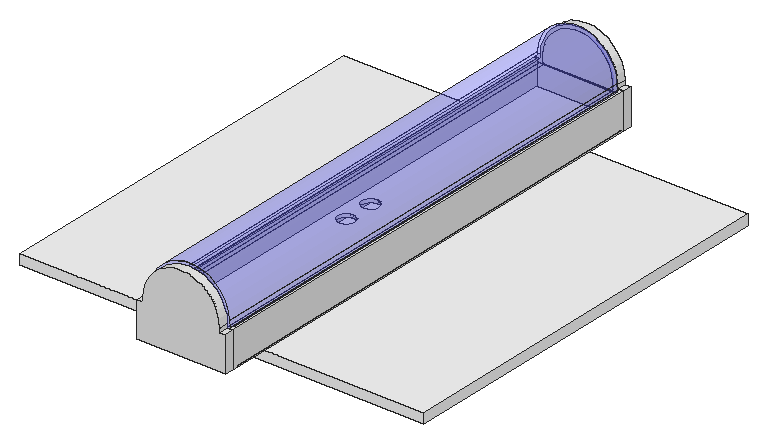
Revit family "BE_67683.3_de_DE", category Leuchten, Revit 2015
Parameters (values of type "BEGA_67683.3_K4")
  built-in parameter 1150104 = 9.2903 (stored number, unit not read)
  Wattage = 16.8 W
  Default Elevation = 0 mm
  built-in parameter 1150113 = 1 (stored number, unit not read)
  built-in parameter 1114218 = 1 (stored number, unit not read)
  Umgebungstemperatur = ""
  URL = "http://www.bega.de/produkt/67683.3"
  Typenkommentare = "© 2017 BEGA. Wir behalten uns das Recht vor, technische Änderungen ohne vorherige Ankündigung vorzunehmen."  # constant formula
  built-in parameter 1150134 = 12
  built-in parameter 1150109 = 1 (stored number, unit not read)
  Strom = ""
  built-in parameter 1150110 = 1 (stored number, unit not read)
  Spannung = 239.996 V
  Sonderanfertigung = no
  Seriennummer [instance] = "Hier können Sie die eindeutige Seriennummer für das Facility Management eintragen."
  Schutzklasse = "I"
  Schutzart = "IP 44"
  Scheinlast = 0 VA
  Produktdatenblatt = "http://www.bega.de/download/Xrfa/db/67683.3.db.de.pdf"
  Oberflächentemperatur = ""
  Neigungswinkel = 0.00°
  Modell = "67683.3K4"
  Material_23 = BEGA_Oberfläche_Chrom_poliert
  Material_17 = BEGA_Reflektor
  Material_15 = BEGA_Leuchtmedium_matt
  Material_11 = BEGA_Glas_opal
  Material_09 = BEGA_Glas_klar
  Material_06 = BEGA_Oberfläche_Edelstahl_gebürstet
  Material_05 = BEGA_Oberfläche_Aluminium Guss
  Material_03 = BEGA_Oberfläche_Weiss_matt
  Material_02 = BEGA_Oberfläche_Silber_matt
  Material_01 [instance] = BEGA_Oberfläche_Grafit_matt
  M_W = no
  M_G = no
  M_A = no
  Logo = 0
  built-in parameter 1114217 = 1 (stored number, unit not read)
  built-in parameter 1150139 = (empty or 0)
  built-in parameter 1150105 = 133.69 (stored number, unit not read)
  built-in parameter 1150114 = 1 (stored number, unit not read)
  Lumens = 1680 lm
  built-in parameter 1150115 = 1 (stored number, unit not read)
  Leuchtenlichtstrom = "1023 lm"
  Leuchtenanzahl = ""
  Lebensdauerkriterien = "L70B50 @ 25 °C = 105000 h"
  Lastklassifizierung = Beleuchtung
  built-in parameter 1150112 = 1 (stored number, unit not read)
  Lampenlichtstrom = "1680 lm"
  Lampe = "LED 16.8 W"
  LED_Modulbezeichnung = "4x LED-0139/840"
  Hersteller = "BEGA"  # constant formula
  Halbstreuwinkel = ""
  Gewicht = "2.0 kg"
  Gebrauchslageneinschränkung [instance] = ""
  Frequenz = "50/60 Hz"
  Farbwiedergabeindex = "Ra > 80"
  Farbtemperaturverschiebung bei Dämpfen der Lampe = <Keine Auswahl>
  Farbtemperatur = "4000 K"
  Color Filter = 16777215
  built-in parameter 1150133 = 10 (stored number, unit not read)
  Energieeffizienzklasse = "LED A++ - A"
  built-in parameter 1150137 = (empty or 0)
  built-in parameter 1150132 = (empty or 0)
  ENEC = ""
  Dimmbar [instance] = "1-10 V SELV"
  Datei für fotometrisches Netz = "BE_67683K4.IES"
  CE_Konformität = "ja"
  Bestellnummer = "67683.3K4"
  Beschreibung_Sonderanfertigung = "Hier können Sie Informationen zur Sonderanfertigung eintragen."
  Beschreibung = "Wandleuchte"
  built-in parameter 1150106 = 1.3369 (stored number, unit not read)
  Befestigungsbohrung = "Ø 5,5 mm"
  Befestigungsabstand = "440 x 56 mm"
  Ballwurfsicher = ""
  BEGA_Intern_aus = yes
  BEGA_Intern_an = yes
  BEGA_Intern_Konstruktion = yes
  BEGA_Intern = yes
  BEGA_IES = yes
  BEGA_Dummy = no
  Anschlussleitung = ""
  Anschlussleistung [instance] = "20.4 W"
  Anschlusskasten = ""
  built-in parameter 1150107 = 4000 (stored number, unit not read)
  built-in parameter 1150102 = (empty or 0)
  built-in parameter 1150138 = (empty or 0)
  Aktualisierung = "2017-09-29T04:10:01"
  Abstand_zur_angestrahlten_Fläche [instance] = ""
  AC/DC = "AC"
Types (2, lengths in mm): name | built-in parameter 1150104 | built-in parameter 1150134 | Modell | built-in parameter 1150105 | Lumens | Leuchtenlichtstrom | Lampenlichtstrom | LED_Modulbezeichnung | Farbtemperatur | Datei für fotometrisches Netz | Bestellnummer | built-in parameter 1150106 | built-in parameter 1150107
  BEGA_67683.3_K3 | 9.0673 (stored number, unit not read) | (empty or 0) | "67683.3" | 130.48 (stored number, unit not read) | 1639.68 lm | "999 lm" | "1640 lm" | "4x LED-0139/830" | "3000 K" | "BE_67683.IES" | "67683.3" | 1.3048 (stored number, unit not read) | 3000 (stored number, unit not read)
  BEGA_67683.3_K4 | 9.2903 (stored number, unit not read) | 12 | "67683.3K4" | 133.69 (stored number, unit not read) | 1680 lm | "1023 lm" | "1680 lm" | "4x LED-0139/840" | "4000 K" | "BE_67683K4.IES" | "67683.3K4" | 1.3369 (stored number, unit not read) | 4000 (stored number, unit not read)
Reference planes
  plane 1 "Mitte (Vorne/Hinten)": y = 0
  plane 2: z = 0
  plane 3 "Mitte (Links/Rechts)": x = 0
  plane 4 "Links": x = -44
  plane 5 "Rechts": x = 44
  plane 6 "Unten": y = -250.1
  plane 7 "Oben": y = 250.1
  plane 8 "Vorne": z = 79.5
  plane 9 "Hinten": z = 0
Forms (mm)
  Extrusion 1, solid, material "BEGA_Platte_Weiss"
    sketch origin (0, -1119.2, 0) x (1, 0, 0) y (0, 1, 0)
      loop
        line (-200, 1319.2) -> (-200, 919.2) -> (200, 919.2) -> (200, 1319.2) -> (-200, 1319.2)
    from 0 to -10
  Extrusion 2, solid, material "BEGA_Dummy_matt", visible <- "BEGA_Dummy"
    sketch origin (80.095, -76.023, 0) x (1, 0, 0) y (0, 1, 0)
      loop
        line (-124.095, 326.123) -> (-124.095, -174.077) -> (-36.095, -174.077) -> (-36.095, 326.123) -> (-124.095, 326.123)
    from 0 to 79.5
Dimensions and locks
  plane 1 "Mitte (Vorne/Hinten)" to Extrusion 1 = 200 mm
  aligned and locked: plane 2 to Extrusion 1
  aligned and locked: level to Extrusion 1
Nested families
  nested 1: "BE_67683.3" at (0, 0, 0) x (0, 1, 0) z (0, 0, 1), type "BE_67683.3"
Connectors
  electrical at (0, 0, 0), driven by "Lastklassifizierung", driven by "Spannung", driven by "Scheinlast"
    settings: index 1, voltage 239.996 V, apparent load 0 VA, apparent load phase1 0 VA, apparent load phase2 0 VA, apparent load phase3 0 VA, power factor 1, load classification "Beleuchtung", number of poles 1, system type 31, power factor state 1, is connector primary yes, connector utility no, sub classification motor no, connector description ""
Definition of nested family "BE_67683.3"
  Parameters (values of type "BE_67683.3")
    Default Elevation = 1 mm
    URL = "http://www.bega.de/de/produkt"
    Type Comments = "© 2015 BEGA. Wir behalten uns das Recht vor, technische Änderungen ohne vorherige Ankündigung vorzunehmen. "  # constant formula
    Type Image = (empty or 0)
    Neigungswinkel_um_Z2 = 0.00°
    Neigungswinkel_um_Z1 = 0.00°
    Neigungswinkel_um_Y2 = 0.00°
    Neigungswinkel_um_Y1 = 0.00°
    Neigungswinkel_um_X2 = 0.00°
    Neigungswinkel_um_X1 = 0.00°
    Material_23 = none
    Material_17 = none
    Material_15 = none
    Material_11 = none
    Material_09 = none
    Material_06 = none
    Material_05 = none
    Material_03 = none
    Material_02 = none
    Material_01 = none
    M_W = yes
    M_G = yes
    M_A = yes
    Länge_Platte = 600 mm  # constant formula
    Höhe_Platte = -10 mm  # constant formula
    Manufacturer = "BEGA"  # constant formula
    Drehwinkel_um_Z2 = 0.00°
    Drehwinkel_um_Z1 = 0.00°
    Breite_Platte = 200 mm  # constant formula
  Reference planes
    plane 1 "Mitte (Oben/Unten)": y = 0
    plane 2: z = 0
    plane 3 "Mitte (Links/Rechts)": x = 0
    plane 4: z = 79.5
    plane 5: y = 44
    plane 6: y = -44
    plane 7: x = -250.1
    plane 8: x = 250.1
  Forms (mm)
    Extrusion 1, solid, detail levels medium
      sketch origin (0, 0, 0) x (1, 0, 0) y (0, 1, 0)
        loop
          line (-300, 100) -> (-300, -100) -> (300, -100) -> (300, 100) -> (-300, 100)
      from 0 to -10 <- "Höhe_Platte"
    Extrusion 2, solid, material <- "Material_23", detail levels medium+fine
      sketch origin (0, 0, 0) x (0, 1, 0) y (0, 0, 1)
        loop
          line (44, 36) -> (40.5, 36) -> (40.5, 33.852) -> (41.2, 33.5) -> (41.2, 10.8) -> (-21, 10.8) -> (-21, 4.883) -> (-21.995, 3.8) -> (-41.2, 3.8) -> (-41.2, 33.5) -> (-40.5, 33.852) -> (-40.5, 36) -> (-44, 36) -> (-44, 0.988)
          arc (-44, 0.988) -> (-42.633, 0.79) -> (-41.5, 0) r 3
          line (-41.5, 0) -> (-38.5, 0) -> (-38.5, 1) -> (-20.84, 1) -> (-18.559, 3.282) -> (-18.559, 8) -> (41.2, 8) -> (41.2, 3.8) -> (38.5, 3.8) -> (38.5, 0) -> (41.5, 0)
          arc (41.5, 0) -> (42.633, 0.79) -> (44, 0.988) r 3
          line (44, 0.988) -> (44, 36)
      from -241.1 to 241.1
    Extrusion 3, void
      sketch origin (0, 0, 0) x (1, 0, 0) y (0, 1, 0)
        loop
          circle (-15, 25) r 8.5
        loop
          circle (15, 25) r 8.5
        loop
          circle (-220, 28) r 2.75
        loop
          circle (220, -28) r 2.75
      from 0 to 13
    Extrusion 4, solid, material <- "Material_23", detail levels medium+fine
      sketch origin (0, 0, 0) x (0, 1, 0) y (0, 0, 1)
        loop
          line (-38, 39.479) -> (-38.075, 36) -> (-44, 36) -> (-44, 0.988) -> (44, 0.988) -> (44, 36) -> (38.075, 36) -> (38, 39.479)
          arc (38, 39.479) -> (0, 77.5) -> (-38, 39.479) r 38
      from -250.1 to -241.1
    Extrusion 5, solid, material <- "Material_23", detail levels medium+fine
      sketch origin (0, 0, 0) x (0, 1, 0) y (0, 0, -1)
        loop
          arc (-38, -39.479) -> (0, -77.5) -> (38, -39.479) r 38
          line (38, -39.479) -> (38.075, -36) -> (44, -36) -> (44, -0.988) -> (-44, -0.988) -> (-44, -36) -> (-38.075, -36) -> (-38, -39.479)
      from -250.1 to -241.1
    Extrusion 6, solid, material <- "Material_11", detail levels medium+fine
      sketch origin (0, 0, 0) x (0, 1, 0) y (0, 0, 1)
        loop
          line (40.078, 35.902) -> (39.917, 42.08)
          arc (39.917, 42.08) -> (0, 79.5) -> (-39.917, 42.08) r 40
          line (-39.917, 42.08) -> (-40.078, 35.902)
          arc (-40.078, 35.902) -> (-39.303, 33.81) -> (-37.297, 32.831) r 3
          line (-37.297, 32.831) -> (-34.021, 32.602) -> (34.021, 32.602) -> (37.297, 32.831)
          arc (37.297, 32.831) -> (39.303, 33.81) -> (40.078, 35.902) r 3
      from -239.75 to 239.75
    Extrusion 7, solid, material <- "Material_11", detail levels medium+fine
      sketch origin (0, 0, 0) x (0, 1, 0) y (0, 0, 1)
        loop
          arc (34.489, 33.543) -> (0, 74.5) -> (-34.489, 33.543) r 35
          line (-34.489, 33.543) -> (34.489, 33.543)
      from 238.75 to 243.25
    Extrusion 8, solid, material <- "Material_11", detail levels medium+fine
      sketch origin (0, 0, 0) x (0, 1, 0) y (0, 0, -1)
        loop
          line (34.489, -33.543) -> (-34.489, -33.543)
          arc (-34.489, -33.543) -> (0, -74.5) -> (34.489, -33.543) r 35
      from 238.75 to 243.221
    Revolve 9, void
      sketch origin (0, 0, 0) x (1, 0, 0) y (0, 0, 1)
        loop
          line (250.26, 23.359) -> (246.769, 19.869) -> (246.769, 18) -> (250.26, 18) -> (250.26, 23.359)
        axis (246.769, 18) -> (250.26, 18)
      angle from 0 to 360
    Revolve 10, solid, material <- "Material_06", detail levels fine
      sketch origin (0, 0, 0) x (1, 0, 0) y (0, 0, 1)
        loop
          arc (250.777, 18) -> (250.479, 20.423) -> (249.602, 22.702) r 10
          line (249.602, 22.702) -> (247.5, 20.6) -> (247.5, 18) -> (250.777, 18)
        axis (247.5, 18) -> (250.777, 18)
      angle from 0 to 360
  Cuts and joins
    Extrusion 3 cuts Extrusion 2
    joined: Extrusion 6, Extrusion 7, Extrusion 8
    Revolve 9 cuts Extrusion 4
    Revolve 9 cuts Extrusion 5
    joined: Extrusion 4, Extrusion 5
  Dimensions and locks
    equal spacing: Extrusion 1 sketch curve, plane 3 "Mitte (Links/Rechts)", Extrusion 1 sketch curve
    equal spacing: Extrusion 1 sketch curve, plane 1 "Mitte (Oben/Unten)", Extrusion 1 sketch curve
    "Länge_Platte": Extrusion 1 sketch curve to Extrusion 1 sketch curve
    "Breite_Platte": Extrusion 1 sketch curve to Extrusion 1 sketch curve
    aligned and locked: Extrusion 1 to plane 2
    aligned and locked: level to Extrusion 1
  Automatic sketch dimensions
    Extrusion 2 sketch curve to level = 0 mm  (x2)
    plane 1 "Mitte (Oben/Unten)" to Extrusion 2 sketch curve = 44 mm
    Extrusion 2 sketch curve to Extrusion 2 sketch curve = 0.264 mm
    Extrusion 2 sketch curve to Extrusion 2 sketch curve = 2.5 mm  (x3)
    Extrusion 2 sketch curve to Extrusion 2 sketch curve = 0.3 mm
    Extrusion 2 sketch curve to Extrusion 2 sketch curve = 0.7 mm
    level to Extrusion 2 sketch curve = 1 mm
    Extrusion 2 sketch curve to Extrusion 2 sketch curve = 3 mm  (x2)
    level to Extrusion 2 sketch curve = 3.8 mm  (x2)
    Extrusion 2 sketch curve to Extrusion 2 sketch curve = 16.505 mm
    Extrusion 2 sketch curve to Extrusion 2 sketch curve = 0.995 mm
    Extrusion 2 sketch curve to Extrusion 2 sketch curve = 1.155 mm
    Extrusion 2 sketch curve to Extrusion 2 sketch curve = 2.441 mm
    Extrusion 2 sketch curve to plane 1 "Mitte (Oben/Unten)" = 38.5 mm
    Extrusion 2 sketch curve to Extrusion 2 sketch curve = 2 mm
    Extrusion 2 sketch curve to Extrusion 2 sketch curve = 2.7 mm  (x2)
    Extrusion 2 sketch curve to Extrusion 2 sketch curve = 2.236 mm
    Extrusion 2 sketch curve to level = 2 mm  (x2)
    Extrusion 2 sketch curve to Extrusion 2 sketch curve = 2.282 mm
    Extrusion 2 sketch curve to Extrusion 2 sketch curve = 1.083 mm
    Extrusion 2 sketch curve to Extrusion 2 sketch curve = 4.2 mm
    Extrusion 2 sketch curve to Extrusion 2 sketch curve = 2.8 mm
    Extrusion 2 sketch curve to Extrusion 2 sketch curve = 29.7 mm
    Extrusion 2 sketch curve to Extrusion 2 sketch curve = 22.7 mm
    Extrusion 2 sketch curve to Extrusion 2 sketch curve = 0.352 mm  (x2)
    Extrusion 2 sketch curve to Extrusion 2 sketch curve = 2.148 mm
    Extrusion 3 sketch curve to plane 3 "Mitte (Links/Rechts)" = 15 mm
    plane 3 "Mitte (Links/Rechts)" to Extrusion 3 sketch curve = 15 mm
    plane 1 "Mitte (Oben/Unten)" to Extrusion 3 sketch curve = 28 mm
    Extrusion 3 sketch curve to plane 1 "Mitte (Oben/Unten)" = 25 mm  (x2)
    Extrusion 3 sketch curve to plane 1 "Mitte (Oben/Unten)" = 28 mm
    Extrusion 4 sketch curve to plane 1 "Mitte (Oben/Unten)" = 0 mm
    plane 1 "Mitte (Oben/Unten)" to Extrusion 4 sketch curve = 38 mm
    Extrusion 4 sketch curve to Extrusion 4 sketch curve = 0.075 mm  (x2)
    level to Extrusion 4 sketch curve = 0.988 mm
    Extrusion 4 sketch curve to Extrusion 4 sketch curve = 5.925 mm  (x2)
    Extrusion 4 sketch curve to plane 1 "Mitte (Oben/Unten)" = 38 mm
    Extrusion 4 sketch curve to Extrusion 4 sketch curve = 35.012 mm  (x2)
    Extrusion 4 sketch curve to Extrusion 4 sketch curve = 3.479 mm
    Extrusion 4 sketch curve to Extrusion 4 sketch curve = 0.021 mm
    Extrusion 5 sketch curve to plane 1 "Mitte (Oben/Unten)" = 0 mm
    plane 1 "Mitte (Oben/Unten)" to Extrusion 5 sketch curve = 38 mm
    Extrusion 5 sketch curve to Extrusion 5 sketch curve = 0.075 mm  (x2)
    level to Extrusion 5 sketch curve = 0.988 mm
    Extrusion 5 sketch curve to Extrusion 5 sketch curve = 5.925 mm  (x2)
    Extrusion 5 sketch curve to plane 1 "Mitte (Oben/Unten)" = 38 mm
    Extrusion 5 sketch curve to Extrusion 5 sketch curve = 35.012 mm  (x2)
    Extrusion 5 sketch curve to Extrusion 5 sketch curve = 3.479 mm
    Extrusion 5 sketch curve to Extrusion 5 sketch curve = 0.021 mm
    Extrusion 6 sketch curve to plane 1 "Mitte (Oben/Unten)" = 0 mm
    plane 1 "Mitte (Oben/Unten)" to Extrusion 6 sketch curve = 34.021 mm
    Extrusion 6 sketch curve to Extrusion 6 sketch curve = 3.058 mm  (x2)
    Extrusion 6 sketch curve to Extrusion 6 sketch curve = 0.219 mm  (x2)
    Extrusion 6 sketch curve to Extrusion 6 sketch curve = 2.999 mm  (x2)
    Extrusion 6 sketch curve to plane 1 "Mitte (Oben/Unten)" = 34.021 mm
    Extrusion 6 sketch curve to Extrusion 6 sketch curve = 2.838 mm
    level to Extrusion 6 sketch curve = 32.602 mm
    Extrusion 6 sketch curve to Extrusion 6 sketch curve = 0.229 mm  (x2)
    Extrusion 6 sketch curve to Extrusion 6 sketch curve = 2.992 mm  (x2)
    Extrusion 6 sketch curve to Extrusion 6 sketch curve = 6.898 mm
    Extrusion 6 sketch curve to Extrusion 6 sketch curve = 6.179 mm
    Extrusion 6 sketch curve to Extrusion 6 sketch curve = 0.161 mm
    Extrusion 6 sketch curve to Extrusion 6 sketch curve = 0 mm
    Extrusion 7 sketch curve to plane 1 "Mitte (Oben/Unten)" = 0 mm
    plane 1 "Mitte (Oben/Unten)" to Extrusion 7 sketch curve = 34.489 mm
    level to Extrusion 7 sketch curve = 33.543 mm
    Extrusion 7 sketch curve to Extrusion 7 sketch curve = 5.957 mm
    Extrusion 8 sketch curve to plane 1 "Mitte (Oben/Unten)" = 0 mm
    plane 1 "Mitte (Oben/Unten)" to Extrusion 8 sketch curve = 34.489 mm
    level to Extrusion 8 sketch curve = 39.5 mm
    level to Extrusion 8 sketch curve = 33.543 mm
    level to Revolve 10 sketch curve = 18 mm
    Revolve 10 sketch curve to Revolve 10 sketch curve = 6.723 mm
    level to Revolve 10 sketch curve = 22.702 mm
    Revolve 10 sketch curve to Revolve 10 sketch curve = 2.102 mm
    Revolve 10 sketch curve to Revolve 10 sketch curve = 2.6 mm
    Revolve 10 sketch curve to Revolve 10 sketch curve = 0 mm  (x3)
    Extrusion 3 sketch curve to Extrusion 3 sketch curve = 205 mm  (x2)
    plane 3 "Mitte (Links/Rechts)" to Revolve 10 sketch curve = 240.777 mm
    level to Revolve 9 sketch curve = 19.869 mm
    Revolve 9 sketch curve to Revolve 9 sketch curve = 3.49 mm  (x2)
    Revolve 9 sketch curve to Revolve 9 sketch curve = 1.869 mm
    Revolve 9 sketch curve to Revolve 9 sketch curve = 0 mm  (x2)
    Revolve 9 sketch curve to Revolve 9 sketch curve = 0.502 mm
    plane 3 "Mitte (Links/Rechts)" to Revolve 9 sketch curve = 246.769 mm
    radius of Extrusion 3 sketch curve = 8.5 mm  (x2)
    radius of Extrusion 3 sketch curve = 2.75 mm  (x2)
